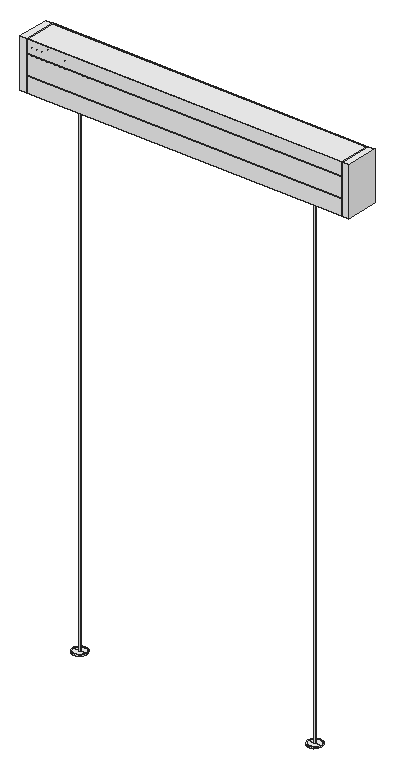
Revit family "2.3 inch  MAGIC WALL WASH LINEAR LIGHT", category Lighting Fixtures, host Face, Revit 2020 (continued)
Types (17): name | Wattage Comments | Wattage | Wall Mount | Suspenders Distance | Surface Mount | Recessed Mount | Photometric Web File | Pendent Mount | Order number | built-in parameter 1150142 | Model | built-in parameter 1150105 | Lumens | Light Source Height | Light Source Distance | built-in parameter 1150106 | Fixture Length
        \r\n 1.55     1.58     1.62     1.65     1.68     1.71     1.74     1.77     1.80     1.83     \r\n 1.86     1.89     1.92     1.96     1.99     2.02     2.06     2.09     2.12     2.16     \r\n 2.19     2.22     2.26     2.29     2.32     2.36     2.39     2.42     2.46     2.49     \r\n 2.52     2.56     2.59     2.62     2.66     2.69     2.72     2.76     2.79     2.82     \r\n 2.86     2.88     2.91     2.93     2.96     2.98     3.00     3.03     3.05     3.08     \r\n 3.10     3.13     3.15     3.18     3.20     3.23     3.25     3.27     3.30     3.32     \r\n 3.35     3.37     3.40     3.42     3.45     3.47     3.50     3.52     3.54     3.57     \r\n 3.59     3.61     3.62     3.64     3.65     3.66     3.68     3.69     3.70     3.72     \r\n 3.73     3.75     3.76     3.77     3.79     3.80     3.82     3.83     3.84     3.86     \r\n 3.87     3.89     3.90     3.91     3.93     3.94     3.96     3.97     3.98     4.00     \r\n 4.01     4.01     4.01     4.01     4.01     4.01     4.01     4.01     4.01     4.01     \r\n 4.01     4.02     4.02     4.02     4.02     4.02     4.02     4.02     4.02     4.02     \r\n 4.02     4.02     4.02     4.02     4.02     4.02     4.02     4.02     4.02     4.02     \r\n 4.26     \r\n1793.11  1790.41  1787.72  1785.04  1782.37  1779.70  1777.05  1774.40  1771.76  1769.13  \r\n 1766.51  1763.90  1761.30  1758.70  1756.12  1753.54  1750.97  1748.41  1745.87  1743.33  \r\n 1740.80  1738.28  1735.77  1733.27  1730.66  1728.06  1725.46  1722.87  1720.30  1717.73  \r\n 1715.16  1706.70  1697.52  1688.35  1679.20  1670.05  1660.92  1651.80  1642.69  1633.59  \r\n 1624.50  1615.43  1606.37  1597.32  1588.28  1579.25  1570.23  1561.23  1552.22  1543.23  \r\n 1534.26  1525.31  1516.37  1507.46  1498.57  1489.70  1480.84  1472.01  1463.20  1454.41  \r\n 1445.63  1433.06  1419.62  1406.18  1392.76  1379.36  1365.96  1352.58  1339.21  1325.85  \r\n 1312.50  1299.17  1285.85  1272.55  1259.25  1245.95  1232.67  1219.41  1206.17  1192.95  \r\n 1179.74  1166.56  1153.39  1140.25  1127.12  1114.01  1100.92  1087.85  1074.79  1061.76  \r\n 1048.74  1033.77  1018.29  1002.82  987.38   971.95   956.55   941.18   925.82   910.48   \r\n 895.17   879.88   864.61   849.35   834.12   818.91   803.72   788.54   773.38   758.25   \r\n 743.13   728.03   712.96   697.90   682.86   667.84   652.84   637.86   622.90   607.95   \r\n 593.02   579.70   566.76   553.84   540.93   528.04   515.16   502.30   489.45   476.61   \r\n 463.78   450.97   438.17   425.38   412.61   399.84   387.09   374.35   361.62   348.90   \r\n 336.19   323.49   310.81   298.13   285.45   272.79   260.14   247.49   234.86   222.23   \r\n 209.61   202.01   195.03   188.05   181.07   174.10   167.13   160.16   153.20   146.24   \r\n 139.27   132.32   125.36   118.40   111.45   104.50   97.55    90.60    83.65    76.71    \r\n 69.76    62.82    55.88    48.94    42.00    35.06    28.12    21.18    14.24    7.30     \r\n 0.36     0.38     0.40     0.42     0.45     0.47     0.49     0.51     0.53     0.55     \r\n 0.57     0.60     0.62     0.64     0.66     0.68     0.70     0.73     0.75     0.77     \r\n 0.79     0.81     0.83     0.85     0.88     0.90     0.92     0.94     0.96     0.98     \r\n 1.00     1.04     1.07     1.10     1.13     1.17     1.20     1.23     1.26     1.29     \r\n 1.33     1.36     1.39     1.42     1.45     1.49     1.52     1.55     1.58     1.61     \r\n 1.65     1.68     1.71     1.74     1.77     1.80     1.84     1.87     1.90     1.93     \r\n 1.96     2.00     2.03     2.07     2.10     2.14     2.17     2.21     2.24     2.28     \r\n 2.31     2.35     2.38     2.42     2.45     2.49     2.52     2.56     2.59     2.63     \r\n 2.66     2.70     2.73     2.77     2.80     2.83     2.87     2.90     2.94     2.97     \r\n 3.00     3.03     3.05     3.07     3.10     3.12     3.14     3.17     3.19     3.21     \r\n 3.24     3.26     3.29     3.31     3.33     3.36     3.38     3.41     3.43     3.45     \r\n 3.48     3.50     3.52     3.54     3.57     3.59     3.61     3.63     3.66     3.68     \r\n 3.70     3.71     3.72     3.73     3.75     3.76     3.77     3.79     3.80     3.81     \r\n 3.82     3.84     3.85     3.86     3.88     3.89     3.90     3.91     3.93     3.94     \r\n 3.95     3.97     3.98     3.99     4.01     4.02     4.03     4.04     4.06     4.07     \r\n 4.08     4.08     4.08     4.08     4.07     4.07     4.07     4.07     4.07     4.07     \r\n 4.06     4.06     4.06     4.06     4.06     4.06     4.05     4.05     4.05     4.05     \r\n 4.05     4.04     4.04     4.04     4.04     4.04     4.03     4.03     4.03     4.03     \r\n 4.26     \r\n1793.11  1789.20  1785.30  1781.42  1777.55  1773.71  1769.87  1766.06  1762.26  1758.48  \r\n 1754.72  1750.97  1747.13  1743.19  1739.26  1735.34  1731.44  1727.56  1723.69  1719.84  \r\n 1716.00  1712.18  1708.38  1704.60  1700.71  1696.80  1692.89  1688.98  1685.07  1681.17  \r\n 1677.27  1669.80  1659.52  1649.28  1639.08  1628.93  1618.94  1608.99  1599.05  1589.12  \r\n 1579.20  1569.31  1559.42  1549.55  1539.69  1529.85  1520.03  1510.21  1500.28  1490.31  \r\n 1480.35  1470.43  1460.54  1450.68  1440.84  1431.03  1421.26  1411.51  1401.79  1392.10  \r\n 1382.44  1371.79  1357.78  1343.81  1329.86  1315.95  1302.07  1288.22  1274.40  1260.62  \r\n 1246.86  1233.14  1219.45  1205.78  1192.15  1178.44  1164.78  1151.17  1137.60  1124.09  \r\n 1110.62  1097.19  1083.82  1070.49  1057.21  1043.97  1030.78  1017.63  1004.53  991.48   \r\n 978.42   965.14   950.06   935.03   920.05   905.12   890.25   875.43   860.66   845.94   \r\n 831.27   816.64   802.07   787.55   773.07   758.64   744.26   729.93   715.65   701.43   \r\n 687.24   673.10   659.01   644.95   630.94   616.97   603.04   589.16   575.31   561.50   \r\n 547.73   534.43   522.48   510.57   498.69   486.84   475.02   463.23   451.47   439.73   \r\n 428.02   416.34   404.69   393.05   381.45   369.87   358.31   346.78   335.26   323.77   \r\n 312.31   300.86   289.43   278.02   266.63   255.26   243.91   232.58   221.26   209.95   \r\n 198.67   190.03   183.44   176.85   170.27   163.70   157.13   150.57   144.01   137.45   \r\n 130.90   124.36   117.82   111.28   104.74   98.21    91.69    85.16    78.64    72.12    \r\n 65.60    59.09    52.57    46.06    39.55    33.04    26.54    20.03    13.52    7.02     \r\n 0.51     0.53     0.55     0.57     0.58     0.60     0.62     0.64     0.65     0.67     \r\n 0.69     0.71     0.73     0.74     0.76     0.78     0.80     0.81     0.83     0.85     \r\n 0.87     0.88     0.90     0.92     0.94     0.95     0.97     0.99     1.01     1.03     \r\n 1.05     1.09     1.12     1.15     1.19     1.22     1.26     1.29     1.33     1.36     \r\n 1.39     1.43     1.46     1.50     1.53     1.56     1.60     1.63     1.66     1.70     \r\n 1.73     1.76     1.80     1.83     1.86     1.90     1.93     1.96     2.00     2.03     \r\n 2.06     2.10     2.14     2.17     2.21     2.25     2.28     2.32     2.36     2.39     \r\n 2.43     2.47     2.50     2.54     2.58     2.61     2.65     2.68     2.72     2.76     \r\n 2.79     2.83     2.86     2.90     2.94     2.97     3.01     3.04     3.08     3.11     \r\n 3.14     3.16     3.19     3.21     3.24     3.26     3.29     3.31     3.34     3.36     \r\n 3.39     3.41     3.44     3.46     3.49     3.51     3.54     3.56     3.58     3.60     \r\n 3.63     3.65     3.67     3.69     3.71     3.73     3.74     3.76     3.78     3.80     \r\n 3.81     3.82     3.83     3.85     3.86     3.87     3.88     3.89     3.91     3.92     \r\n 3.93     3.94     3.95     3.96     3.98     3.99     4.00     4.01     4.03     4.04     \r\n 4.05     4.06     4.07     4.09     4.10     4.11     4.12     4.13     4.14     4.15     \r\n 4.15     4.15     4.15     4.15     4.14     4.14     4.14     4.14     4.13     4.13     \r\n 4.12     4.12     4.11     4.11     4.10     4.10     4.09     4.09     4.08     4.08     \r\n 4.07     4.07     4.06     4.06     4.05     4.05     4.04     4.04     4.03     4.03     \r\n 4.26     \r\n1793.11  1788.01  1782.93  1777.88  1772.85  1767.85  1762.87  1757.91  1752.89  1747.64  \r\n 1742.41  1737.21  1732.03  1726.86  1721.72  1716.61  1711.45  1706.23  1701.02  1695.80  \r\n 1690.59  1685.38  1680.17  1674.97  1669.93  1664.99  1660.08  1655.21  1650.36  1645.54  \r\n 1640.76  1636.00  1624.69  1613.22  1601.80  1590.42  1579.07  1567.77  1556.51  1545.28  \r\n 1534.20  1523.21  1512.25  1501.33  1490.43  1479.58  1468.75  1457.97  1447.11  1436.11  \r\n 1425.12  1414.15  1403.20  1392.27  1381.36  1370.47  1359.59  1348.77  1338.01  1327.29  \r\n 1316.61  1305.98  1294.32  1279.73  1265.19  1250.71  1236.23  1221.80  1207.44  1193.15  \r\n 1178.93  1164.77  1150.68  1136.66  1122.70  1108.75  1094.84  1080.99  1067.22  1053.53  \r\n 1039.91  1026.36  1012.89  999.48   986.15   972.84   959.59   946.40   933.29   920.24   \r\n 907.26   894.35   881.48   867.00   852.61   838.30   824.10   809.98   795.96   782.03   \r\n 768.18   754.42   740.75   727.17   713.67   700.25   686.92   673.67   660.57   647.53   \r\n 634.55   621.63   608.76   595.96   583.21   570.51   557.87   545.28   532.75   520.27   \r\n 507.84   495.46   483.53   472.57   461.64   450.76   439.91   429.11   418.34   407.61   \r\n 396.92   386.26   375.64   365.06   354.51   343.99   333.50   323.04   312.62   302.24   \r\n 291.90   281.58   271.29   261.02   250.77   240.54   230.33   220.14   209.98   199.83   \r\n 189.70   179.66   173.43   167.20   160.98   154.77   148.56   142.36   136.17   129.98   \r\n 123.80   117.62   111.45   105.28   99.12    92.96    86.81    80.66    74.52    68.38    \r\n 62.24    56.10    49.97    43.83    37.70    31.58    25.45    19.32    13.20    7.07     \r\n 0.95     0.95     0.95     0.96     0.96     0.96     0.97     0.97     0.97     0.97     \r\n 0.98     0.98     0.98     0.99     0.99     0.99     0.99     1.00     1.00     1.00     \r\n 1.01     1.01     1.01     1.02     1.02     1.03     1.03     1.04     1.04     1.05     \r\n 1.08     1.12     1.16     1.19     1.23     1.27     1.30     1.34     1.37     1.41     \r\n 1.45     1.48     1.52     1.55     1.59     1.62     1.66     1.70     1.73     1.77     \r\n 1.80     1.84     1.87     1.91     1.95     1.98     2.02     2.05     2.09     2.12     \r\n 2.16     2.20     2.24     2.28     2.32     2.36     2.39     2.43     2.47     2.51     \r\n 2.55     2.59     2.62     2.66     2.70     2.74     2.77     2.81     2.85     2.88     \r\n 2.92     2.96     2.99     3.03     3.07     3.10     3.14     3.17     3.21     3.23     \r\n 3.26     3.28     3.31     3.33     3.35     3.38     3.40     3.42     3.45     3.47     \r\n 3.50     3.52     3.54     3.57     3.59     3.61     3.64     3.66     3.68     3.71     \r\n 3.73     3.75     3.78     3.80     3.83     3.85     3.87     3.89     3.92     3.93     \r\n 3.94     3.95     3.96     3.97     3.99     4.00     4.01     4.03     4.04     4.05     \r\n 4.06     4.08     4.09     4.09     4.10     4.11     4.11     4.12     4.13     4.13     \r\n 4.14     4.15     4.16     4.17     4.18     4.19     4.20     4.21     4.21     4.22     \r\n 4.22     4.21     4.21     4.20     4.20     4.19     4.19     4.18     4.18     4.17     \r\n 4.17     4.16     4.16     4.16     4.15     4.15     4.14     4.13     4.12     4.11     \r\n 4.10     4.09     4.08     4.08     4.07     4.06     4.05     4.05     4.04     4.03     \r\n 4.26     \r\n1793.11  1786.86  1780.65  1774.46  1768.30  1762.18  1756.02  1749.51  1743.03  1736.57  \r\n 1730.14  1723.74  1717.34  1710.87  1704.40  1697.93  1691.46  1684.99  1678.61  1672.37  \r\n 1666.17  1660.01  1653.89  1647.80  1641.51  1634.95  1628.39  1621.82  1615.25  1608.68  \r\n 1602.21  1595.88  1588.59  1576.38  1564.21  1552.09  1539.91  1527.63  1515.37  1503.12  \r\n 1490.90  1478.70  1466.45  1454.08  1441.76  1429.50  1417.29  1405.15  1393.06  1380.94  \r\n 1368.88  1356.87  1344.90  1332.99  1321.13  1309.20  1297.23  1285.31  1273.44  1261.61  \r\n 1249.84  1238.11  1226.35  1214.65  1199.89  1184.73  1169.68  1154.72  1139.88  1125.23  \r\n 1110.68  1096.21  1081.82  1067.52  1053.31  1039.18  1025.09  1011.15  997.33   983.65   \r\n 970.10   956.68   943.40   930.20   917.09   904.08   891.16   878.33   865.60   852.95   \r\n 840.40   828.17   816.05   804.04   791.48   778.16   764.95   751.83   738.81   725.80   \r\n 712.83   699.97   687.21   674.54   661.97   649.50   637.13   624.85   612.79   600.89   \r\n 589.08   577.35   565.69   554.12   542.62   531.20   519.86   508.59   497.32   486.04   \r\n 474.82   463.65   452.54   441.47   431.22   421.06   410.95   400.89   390.89   380.94   \r\n 371.14   361.41   351.71   342.04   332.41   322.81   313.25   303.71   294.21   284.73   \r\n 275.28   265.86   256.47   247.10   237.76   228.45   219.16   209.90   200.66   191.44   \r\n 182.25   173.07   164.77   158.86   152.96   147.07   141.19   135.32   129.45   123.59   \r\n 117.74   111.90   106.06   100.22   94.40    88.57    82.76    76.94    71.14    65.33    \r\n 59.53    53.73    47.94    42.15    36.36    30.57    24.78    19.00    13.21    7.43     \r\n 1.64     1.62     1.60     1.58     1.56     1.53     1.51     1.49     1.47     1.44     \r\n 1.42     1.40     1.38     1.35     1.33     1.31     1.29     1.27     1.25     1.22     \r\n 1.20     1.18     1.16     1.14     1.12     1.10     1.09     1.07     1.05     1.07     \r\n 1.11     1.15     1.19     1.23     1.27     1.31     1.35     1.39     1.43     1.46     \r\n 1.50     1.54     1.58     1.62     1.66     1.70     1.74     1.77     1.81     1.85     \r\n 1.89     1.93     1.97     2.00     2.04     2.08     2.12     2.16     2.20     2.24     \r\n 2.28     2.31     2.35     2.39     2.43     2.47     2.51     2.55     2.59     2.62     \r\n 2.66     2.70     2.74     2.78     2.82     2.85     2.89     2.93     2.97     3.01     \r\n 3.04     3.08     3.12     3.16     3.19     3.23     3.27     3.30     3.32     3.35     \r\n 3.37     3.40     3.42     3.45     3.47     3.50     3.52     3.54     3.57     3.59     \r\n 3.62     3.64     3.66     3.69     3.71     3.73     3.76     3.78     3.80     3.83     \r\n 3.85     3.87     3.90     3.92     3.94     3.96     3.98     4.00     4.01     4.02     \r\n 4.03     4.04     4.05     4.07     4.08     4.09     4.10     4.11     4.12     4.13     \r\n 4.14     4.16     4.17     4.18     4.18     4.19     4.20     4.21     4.22     4.23     \r\n 4.24     4.25     4.25     4.26     4.27     4.27     4.28     4.28     4.29     4.29     \r\n 4.28     4.28     4.27     4.26     4.25     4.25     4.24     4.23     4.22     4.22     \r\n 4.21     4.20     4.20     4.19     4.18     4.18     4.17     4.16     4.16     4.15     \r\n 4.14     4.12     4.11     4.10     4.09     4.08     4.07     4.06     4.04     4.03     \r\n 4.26     \r\n1793.11  1785.76  1778.45  1771.18  1763.94  1756.59  1748.87  1741.19  1733.54  1725.92  \r\n 1718.29  1710.62  1702.95  1695.28  1687.60  1680.07  1672.62  1665.20  1657.83  1650.51  \r\n 1642.70  1634.89  1627.07  1619.25  1611.43  1603.70  1596.02  1588.39  1580.81  1573.20  \r\n 1565.49  1557.85  1550.27  1542.41  1528.82  1515.02  1501.29  1487.62  1474.02  1460.45  \r\n 1446.91  1433.44  1420.02  1406.66  1393.24  1379.76  1366.34  1352.97  1339.66  1326.27  \r\n 1312.83  1299.46  1286.16  1272.95  1259.85  1246.94  1234.12  1221.38  1208.72  1196.12  \r\n 1183.16  1170.28  1157.48  1144.75  1132.11  1119.81  1104.62  1089.54  1074.58  1059.75  \r\n 1045.04  1030.50  1016.10  1001.85  987.74   973.78   959.93   946.18   932.55   919.04   \r\n 905.67   892.42   879.67   867.27   854.96   842.74   830.61   818.56   806.60   794.74   \r\n 783.03   771.44   760.00   748.68   737.50   726.39   714.84   702.47   690.22   678.07   \r\n 666.03   654.14   642.47   630.89   619.41   608.02   596.72   585.51   574.39   563.34   \r\n 552.35   541.43   530.58   519.80   509.08   498.43   487.85   477.54   467.30   457.15   \r\n 447.07   437.06   427.13   417.27   407.48   397.85   388.49   379.18   369.92   360.71   \r\n 351.54   342.42   333.35   324.31   315.32   306.37   297.49   288.66   279.85   271.08   \r\n 262.34   253.63   244.95   236.30  
